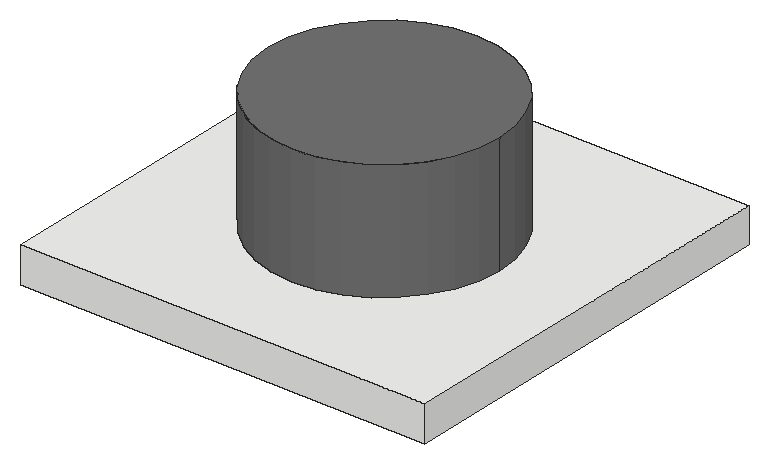
Revit family "subgril", category 制気口, Revit 2019
Family settings
  丸型コネクタ寸法 = 直径を使用
  パーツ タイプ = 標準
  OmniClass 番号 = 23.75.70.21.27.11
  OmniClass タイトル = Diffusers, Registers, and Grilles
  作業面ベース = いいえ
  常に垂直 = はい
  ロード時にボイドで切り取り = いいえ
  共有 = いいえ
  部屋計算ポイント = はい
Parameters (values of type "HS")
  風量 [instance] = 0.0 m³/h
  面風速 [instance] = 0.0 m/s
  開口率 [instance] = 0.00%
  製造元 = "三菱電機株式会社"
  製品出荷対象 = ""
  製品リリース年月 = ""
  製品グループ = ""
  耐圧 [instance] = ""
  系統 [instance] = ""
  符号 = ""
  積算_科目 = "2 換気設備"
  積算_拾い区分 [instance] = ""
  矢印表記 = no
  矢印なし吸込表記 = not(矢印表記)  # yes
  法定耐用年数 = "15"
  材質 [instance] = ""
  本体マテリアル = 合成樹脂(黒)
  外貼 [instance] = ""
  圧力損失 [instance] = 0.0 Pa
  呼称 = ""
  参照している仕様書等のバージョン = ""
  分類コード = ""
  分類グループ = ""
  内貼 [instance] = ""
  企業コード = "108420"
  仕様書バージョン = "Version1.0"
  仕様7 [instance] = ""
  仕様6 [instance] = ""
  仕様5 [instance] = ""
  仕様4 [instance] = ""
  仕様3 [instance] = ""
  仕様2 [instance] = ""
  仕様 [instance] = ""
  メッセージ [instance] = ""
  ダクト径 [instance] = 100 mm
  コメント [instance] = ""
  グリルマテリアル = 合成樹脂(白)
  Width [instance] = 170 mm
  Version = ""
  Uniclass2015Version = "Systems v1.9"
  Uniclass2015Title = "Air grilles"
  Uniclass2015Code = "Pr_70_65_04_28"
  SpecificationReference = ""
  SpecificationDescription = ""
  Revision = ""
  ProductInformation = ""
  OmniClassCode = "23-33 49 23 11"
  IfcTypeProduct = ""
  IfcProduct = ""
  IfcExportType = "GRILLE"
  IfcExportAs = "IfcAirTerminalType"
  Height [instance] = 65 mm
  H1 [instance] = 15 mm
  EAサイズ_D = 97 mm
  Depth [instance] = 170 mm
  Box_W [instance] = 370 mm
  Box_D [instance] = 370 mm
  Author = "三菱電機株式会社"
Types (2, lengths in mm): name | 風量 | 面風速 | 開口率 | 製造元 | 符号 | 積算_科目 | 圧力損失 | 呼称 | 企業コード | ダクト径 | Width | Uniclass2015Code | OmniClassCode | IfcExportType | Height | H1 | EAサイズ_D | Depth | Box_W | Box_D | Author
  H | 1500.0 m³/h | 2.0 m/s | 67.00% | 0 | "H" | "" | 1.0 Pa | "ユニバーサル形吸込口_H" | "" | 350 | 750 | "Pr_70_65_04_03" | "23-33 49 25 11" | "REGISTER" | 100 | 550 | 130 | 300 | 950 | 500 | "Revit User Group Japan"
  HS | 0.0 m³/h | 0.0 m/s | 0.00% | "三菱電機株式会社" | "" | "2 換気設備" | 0.0 Pa | "" | "108420" | 100 | 170 | "Pr_70_65_04_28" | "23-33 49 23 11" | "GRILLE" | 65 | 15 | 97 | 170 | 370 | 370 | "三菱電機株式会社"
Reference planes
  plane 1 "中心(正面/背面)": y = 0
  plane 2: z = 0
  plane 3 "中心(左/右)": x = 0
  plane 4: x = -85
  plane 5: x = 85
  plane 6: y = -85
  plane 7: y = 85
  plane 8: z = -15
  plane 9: z = 50
  plane 10: x = -185
  plane 11: x = 185
  plane 12: y = 185
  plane 13: y = -185
Forms (mm)
  Extrusion 1, solid, material "合成樹脂(白)" <- "グリルマテリアル", detail levels fine
    sketch origin (0, 0, 0) x (1, 0, 0) y (0, 1, 0)
      loop
        line (-85, -85) -> (85, -85) -> (85, 85) -> (-85, 85) -> (-85, -85)
    from 0 to -15
  Extrusion 2, solid, material "合成樹脂(黒)" <- "本体マテリアル", detail levels fine
    sketch origin (0, 0, 0) x (1, 0, 0) y (0, 1, 0)
      loop
        circle (0, 0) r 48.5
    from 0 to 50
Lines and regions (mm)
  symbolic lines, visible <- "矢印なし吸込表記"
    curve 1: line (-85, -85, 0) -> (85, 85, 0)
Dimensions and locks
  equal spacing: plane 4, plane 3 "中心(左/右)", plane 5
  "Width": plane 4 to plane 5
  equal spacing: plane 6, plane 1 "中心(正面/背面)", plane 7
  "Depth": plane 6 to plane 7
  "H1": level to plane 8
  "Height": plane 9 to plane 8
  equal spacing: plane 10, plane 3 "中心(左/右)", plane 11
  "Box_W": plane 10 to plane 11
  equal spacing: plane 13, plane 1 "中心(正面/背面)", plane 12
  "Box_D": plane 13 to plane 12
  "EAサイズ_D": diameter of Extrusion 2 sketch curve
  aligned and locked: level to plane 2
  aligned and locked: Extrusion 1 to level
  aligned and locked: Extrusion 2 to plane 9
  aligned and locked: nested 1 to plane 12
  aligned and locked: nested 2 to plane 10
  aligned and locked: plane 12 to nested 2
  aligned and locked: plane 13 to nested 4
  aligned and locked: plane 10 to nested 4
  aligned and locked: plane 11 to nested 3
  aligned and locked: nested 3 to plane 13
  aligned and locked: nested 1 to plane 11
  aligned and locked: plane 4 to curve 1
  aligned and locked: plane 7 to curve 1
  aligned and locked: Extrusion 2 to level
  aligned and locked: Extrusion 1 to plane 8
Automatic sketch dimensions
  Extrusion 1 sketch curve to plane 4 = 0 mm
  Extrusion 1 sketch curve to plane 5 = 0 mm
  plane 6 to Extrusion 1 sketch curve = 0 mm
  plane 7 to Extrusion 1 sketch curve = 0 mm
  curve 1 to plane 5 = 0 mm
  plane 6 to curve 1 = 0 mm
  plane 1 "中心(正面/背面)" to Extrusion 2 sketch curve = 0 mm
  Extrusion 2 sketch curve to plane 3 "中心(左/右)" = 0 mm
Nested families
  nested 1: "制気口矢印" at (645, 645, 0) x (-1, 0, 0) z (0, 0, 1), visible <- "矢印表記", type "制気口矢印"
  nested 2: "制気口矢印" at (-645, 645, 0), visible <- "矢印表記", type "制気口矢印"
  nested 3: "制気口矢印" at (645, -645, 0) x (-1, 0, 0) z (0, 0, 1), visible <- "矢印表記", type "制気口矢印"
  nested 4: "制気口矢印" at (-645, -645, 0), visible <- "矢印表記", type "制気口矢印"
  nested 5: "固定点" at (-430, -660, 0), type "固定点"
    with W 1000 mm, D 1000 mm
Connectors
  hvac at (0, 0, 50), driven by "ダクト径"
    settings: on Extrusion 2, index 1, duct flow 0.0 m³/h, flow factor 0, pres drop 0.0 Pa, loss coef 0, conn angle 0.00°, conn width 304.8 mm, conn height 304.8 mm, conn diameter 100 mm, duct sys type 2, conn prof type 0, flow config 0, flow direction 2, loss method 4, conn ref index -1, conn util no, is conn primary yes, conn desc ""
Definition of nested family "制気口矢印"
  Parameters (values of type "制気口矢印")
    呼称 = ""
    コメント [instance] = ""
  Reference planes
    plane 1 "中心(正面/背面)": y = 0
    plane 2: z = 0
    plane 3 "中心(左/右)": x = 0
    plane 4: x = 460
    plane 5: y = 460
    plane 6: x = 280
    plane 7: y = 280
    plane 8: y = 300
    plane 9: x = 300
    plane 10: x = 180
    plane 11: y = 180
  Lines and regions (mm)
    symbolic lines
      curve 1: line (0, 0, 0) -> (460, 460, 0)
      curve 2: line (460, 460, 0) -> (356.077, 280, 0)
      curve 3: line (460, 460, 0) -> (280, 356.077, 0)
      curve 4: line (0, 0, 0) -> (300, 300, 0)
      curve 5: line (300, 300, 0) -> (230.718, 180, 0)
      curve 6: line (300, 300, 0) -> (180, 230.718, 0)
  Dimensions and locks
    aligned and locked: level to plane 2
Definition of nested family "固定点"
  Parameters (values of type "固定点")
    中心円 = 20 mm
    W [instance] = 1000 mm
    D [instance] = 1000 mm
  Reference planes
    plane 1 "中心(正面/背面)": y = 0
    plane 2: z = 0
    plane 3 "中心(左/右)": x = 0
    plane 4: x = 1000
    plane 5: y = 1000
  Lines and regions (mm)
    symbolic lines, detail levels fine
      curve 1: circle (0, 1000, 0) r 10 normal (0, 0, 1)
      curve 2: circle (0, 0, 0) r 10 normal (0, 0, 1)
      curve 3: circle (1000, 1000, 0) r 10 normal (0, 0, 1)
      curve 4: circle (1000, 0, 0) r 10 normal (0, 0, 1)
      curve 5: line (-200, 1000, 0) -> (1200, 1000, 0)
      curve 6: line (-200, 0, 0) -> (1200, 0, 0)
      curve 7: line (0, 1200, 0) -> (0, -200, 0)
      curve 8: line (1000, 1200, 0) -> (1000, -200, 0)
  Dimensions and locks
    "W": plane 3 "中心(左/右)" to plane 4
    "D": plane 1 "中心(正面/背面)" to plane 5
    "中心円": diameter of curve 1
    "中心円": diameter of curve 2
    "中心円": diameter of curve 3
    "中心円": diameter of curve 4
    aligned and locked: level to plane 2
    aligned and locked: plane 5 to curve 1
    aligned and locked: plane 3 "中心(左/右)" to curve 1
    aligned and locked: plane 3 "中心(左/右)" to curve 2
    aligned and locked: plane 1 "中心(正面/背面)" to curve 2
    aligned and locked: plane 4 to curve 3
    aligned and locked: plane 5 to curve 3
    aligned and locked: plane 1 "中心(正面/背面)" to curve 4
    aligned and locked: plane 4 to curve 4
    aligned and locked: plane 1 "中心(正面/背面)" to curve 6
    aligned and locked: curve 7 to plane 3 "中心(左/右)"
    aligned and locked: curve 8 to plane 4
  Automatic sketch dimensions
    curve 5 to plane 5 = 0 mm
    curve 6 to plane 3 "中心(左/右)" = 200 mm
    curve 5 to plane 3 "中心(左/右)" = 200 mm
    curve 4 to curve 6 = 200 mm
    curve 3 to curve 5 = 200 mm
    plane 1 "中心(正面/背面)" to curve 8 = 200 mm
    plane 1 "中心(正面/背面)" to curve 7 = 200 mm
    curve 3 to curve 8 = 200 mm
    curve 1 to curve 7 = 200 mm
